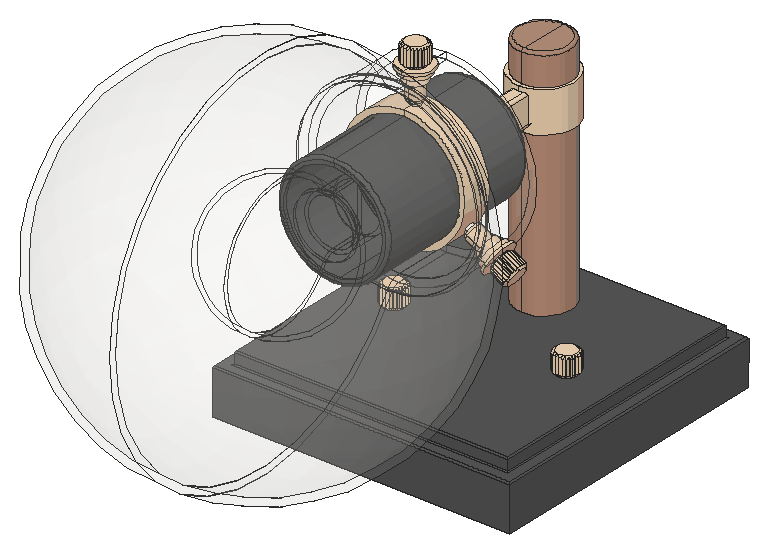
Revit family "Light_Fixture-Wall_Sconce-KOHLER-Holt-K-38412_1", category Lighting Fixtures, host Face, Revit 2021 (continued)
Definition of nested family "K-38412"
  Lines and regions (in)
    symbolic lines, detail levels medium+fine
      curve 233: line (-1.43701, -1.10105, 0) -> (-1.60697, -1.10105, 0)
      curve 234: spline (-1.43701, -1.41117, 0) -> (-1.4406, -1.39336, 0) -> (-1.44357, -1.37508, 0) -> (-1.44589, -1.35644, 0) -> (-1.44755, -1.33752, 0) -> (-1.44856, -1.31841, 0) -> (-1.44889, -1.29921, 0) -> (-1.44856, -1.28001, 0) -> (-1.44755, -1.26091, 0) -> (-1.44589, -1.24198, 0) -> (-1.44357, -1.22334, 0) -> (-1.4406, -1.20507, 0) -> (-1.43701, -1.18725, 0)
      curve 235: line (-1.44774, -1.11512, 0) -> (-1.61914, -1.11512, 0)
      curve 236: line (-1.45809, -1.14121, 0) -> (-1.64051, -1.14121, 0)
      curve 237: line (-1.66756, -1.1781, 0) -> (-1.46897, -1.1781, 0)
      curve 238: line (-1.47616, -1.21354, 0) -> (-1.6791, -1.21354, 0)
      curve 239: spline (-1.6791, -1.21354, 0) -> (-1.67758, -1.21053, 0) -> (-1.67605, -1.20753, 0) -> (-1.6745, -1.20454, 0) -> (-1.67294, -1.20156, 0) -> (-1.67137, -1.19859, 0) -> (-1.66978, -1.19563, 0) -> (-1.66818, -1.19268, 0) -> (-1.66657, -1.18975, 0) -> (-1.66494, -1.18682, 0) -> (-1.6633, -1.1839, 0) -> (-1.66165, -1.18099, 0) -> (-1.65998, -1.1781, 0)
      curve 240: line (-1.47761, -1.22301, 0) -> (-1.67283, -1.22301, 0)
      curve 241: line (-1.48121, -1.25514, 0) -> (-1.68769, -1.25514, 0)
      curve 242: line (-1.67961, -1.2734, 0) -> (-1.48238, -1.2734, 0)
      curve 243: spline (-1.67961, -1.2734, 0) -> (-1.68037, -1.27191, 0) -> (-1.68112, -1.27041, 0) -> (-1.68185, -1.2689, 0) -> (-1.68256, -1.2674, 0) -> (-1.68326, -1.26588, 0) -> (-1.68394, -1.26436, 0) -> (-1.68461, -1.26284, 0) -> (-1.68526, -1.26131, 0) -> (-1.68589, -1.25977, 0) -> (-1.68651, -1.25823, 0) -> (-1.68711, -1.25669, 0) -> (-1.68769, -1.25514, 0)
      curve 244: spline (-1.69034, -1.29885, 0) -> (-1.68953, -1.29669, 0) -> (-1.6887, -1.29454, 0) -> (-1.68786, -1.29239, 0) -> (-1.68701, -1.29025, 0) -> (-1.68613, -1.28812, 0) -> (-1.68525, -1.286, 0) -> (-1.68435, -1.28388, 0) -> (-1.68343, -1.28177, 0) -> (-1.6825, -1.27966, 0) -> (-1.68155, -1.27757, 0) -> (-1.68059, -1.27548, 0) -> (-1.67961, -1.2734, 0)
      curve 245: spline (-1.65531, -1.16159, 0) -> (-1.66941, -1.18123, 0) -> (-1.68101, -1.20655, 0) -> (-1.68957, -1.23634, 0) -> (-1.69467, -1.26914, 0) -> (-1.69606, -1.30338, 0) -> (-1.69368, -1.3374, 0) -> (-1.68764, -1.36956, 0) -> (-1.67823, -1.3983, 0) -> (-1.66591, -1.42223, 0) -> (-1.65127, -1.44021, 0) -> (-1.63503, -1.45135, 0) -> (-1.61796, -1.45513, 0)
      curve 246: spline (-1.43701, -1.50471, 0) -> (-1.45047, -1.47702, 0) -> (-1.46186, -1.44584, 0) -> (-1.47097, -1.41178, 0) -> (-1.4776, -1.37551, 0) -> (-1.48163, -1.33774, 0) -> (-1.48299, -1.29921, 0) -> (-1.48163, -1.26069, 0) -> (-1.4776, -1.22292, 0) -> (-1.47097, -1.18665, 0) -> (-1.46186, -1.15258, 0) -> (-1.45047, -1.1214, 0) -> (-1.43701, -1.09371, 0)
      curve 247: spline (-1.66573, -1.1781, 0) -> (-1.66441, -1.17596, 0) -> (-1.66309, -1.17383, 0) -> (-1.66176, -1.17171, 0) -> (-1.66043, -1.16959, 0) -> (-1.65909, -1.16748, 0) -> (-1.65774, -1.16537, 0) -> (-1.65639, -1.16326, 0) -> (-1.65503, -1.16116, 0) -> (-1.65367, -1.15907, 0) -> (-1.6523, -1.15698, 0) -> (-1.65093, -1.15489, 0) -> (-1.64955, -1.15281, 0)
      curve 248: spline (-1.64955, -1.15281, 0) -> (-1.64613, -1.14838, 0) -> (-1.64269, -1.14396, 0) -> (-1.63922, -1.13957, 0) -> (-1.63573, -1.1352, 0) -> (-1.63221, -1.13085, 0) -> (-1.62867, -1.12653, 0) -> (-1.62511, -1.12222, 0) -> (-1.62153, -1.11794, 0) -> (-1.61792, -1.11368, 0) -> (-1.61429, -1.10945, 0) -> (-1.61064, -1.10524, 0) -> (-1.60697, -1.10105, 0)
      curve 249: spline (-1.68769, -1.25514, 0) -> (-1.68654, -1.25241, 0) -> (-1.68537, -1.24969, 0) -> (-1.68418, -1.24698, 0) -> (-1.68298, -1.24428, 0) -> (-1.68176, -1.24159, 0) -> (-1.68053, -1.23891, 0) -> (-1.67929, -1.23623, 0) -> (-1.67803, -1.23357, 0) -> (-1.67675, -1.23092, 0) -> (-1.67546, -1.22827, 0) -> (-1.67415, -1.22564, 0) -> (-1.67283, -1.22301, 0)
      curve 250: line (-1.69034, -1.29885, 0) -> (-1.48299, -1.29885, 0)
      curve 251: spline (-1.67283, -1.22301, 0) -> (-1.67344, -1.22224, 0) -> (-1.67404, -1.22146, 0) -> (-1.67462, -1.22068, 0) -> (-1.67519, -1.2199, 0) -> (-1.67574, -1.21911, 0) -> (-1.67627, -1.21832, 0) -> (-1.67678, -1.21753, 0) -> (-1.67728, -1.21674, 0) -> (-1.67776, -1.21594, 0) -> (-1.67822, -1.21514, 0) -> (-1.67867, -1.21434, 0) -> (-1.6791, -1.21354, 0)
      curve 252: line (-1.43701, -1.49738, 0) -> (-1.60697, -1.49738, 0)
      curve 253: line (-1.44774, -1.4833, 0) -> (-1.61914, -1.4833, 0)
      curve 254: line (-1.45809, -1.45722, 0) -> (-1.64051, -1.45722, 0)
      curve 255: line (-1.66573, -1.42033, 0) -> (-1.46897, -1.42033, 0)
      curve 256: line (-1.47616, -1.38489, 0) -> (-1.6791, -1.38489, 0)
      curve 257: spline (-1.6791, -1.38489, 0) -> (-1.67758, -1.3879, 0) -> (-1.67605, -1.3909, 0) -> (-1.6745, -1.39389, 0) -> (-1.67294, -1.39687, 0) -> (-1.67137, -1.39983, 0) -> (-1.66978, -1.40279, 0) -> (-1.66818, -1.40574, 0) -> (-1.66657, -1.40868, 0) -> (-1.66494, -1.41161, 0) -> (-1.6633, -1.41453, 0) -> (-1.66165, -1.41743, 0) -> (-1.65998, -1.42033, 0)
      curve 258: line (-1.47761, -1.37541, 0) -> (-1.67283, -1.37541, 0)
      curve 259: line (-1.48121, -1.34329, 0) -> (-1.68769, -1.34329, 0)
      curve 260: line (-1.67961, -1.32503, 0) -> (-1.48238, -1.32503, 0)
      curve 261: spline (-1.67961, -1.32503, 0) -> (-1.68037, -1.32652, 0) -> (-1.68112, -1.32802, 0) -> (-1.68185, -1.32952, 0) -> (-1.68256, -1.33103, 0) -> (-1.68326, -1.33254, 0) -> (-1.68394, -1.33406, 0) -> (-1.68461, -1.33559, 0) -> (-1.68526, -1.33712, 0) -> (-1.68589, -1.33865, 0) -> (-1.68651, -1.34019, 0) -> (-1.68711, -1.34174, 0) -> (-1.68769, -1.34329, 0)
      curve 262: spline (-1.69034, -1.29958, 0) -> (-1.68953, -1.30174, 0) -> (-1.6887, -1.30389, 0) -> (-1.68786, -1.30603, 0) -> (-1.68701, -1.30817, 0) -> (-1.68613, -1.3103, 0) -> (-1.68525, -1.31243, 0) -> (-1.68435, -1.31455, 0) -> (-1.68343, -1.31666, 0) -> (-1.6825, -1.31876, 0) -> (-1.68155, -1.32086, 0) -> (-1.68059, -1.32295, 0) -> (-1.67961, -1.32503, 0)
      curve 263: spline (-1.66573, -1.42033, 0) -> (-1.66441, -1.42246, 0) -> (-1.66309, -1.42459, 0) -> (-1.66176, -1.42672, 0) -> (-1.66043, -1.42884, 0) -> (-1.65909, -1.43095, 0) -> (-1.65774, -1.43306, 0) -> (-1.65639, -1.43516, 0) -> (-1.65503, -1.43726, 0) -> (-1.65367, -1.43936, 0) -> (-1.6523, -1.44145, 0) -> (-1.65093, -1.44353, 0) -> (-1.64955, -1.44561, 0)
      curve 264: spline (-1.64955, -1.44561, 0) -> (-1.64613, -1.45005, 0) -> (-1.64269, -1.45446, 0) -> (-1.63922, -1.45885, 0) -> (-1.63573, -1.46322, 0) -> (-1.63221, -1.46757, 0) -> (-1.62867, -1.4719, 0) -> (-1.62511, -1.4762, 0) -> (-1.62153, -1.48048, 0) -> (-1.61792, -1.48474, 0) -> (-1.61429, -1.48898, 0) -> (-1.61064, -1.49319, 0) -> (-1.60697, -1.49738, 0)
      curve 265: spline (-1.68769, -1.34329, 0) -> (-1.68654, -1.34601, 0) -> (-1.68537, -1.34873, 0) -> (-1.68418, -1.35144, 0) -> (-1.68298, -1.35414, 0) -> (-1.68176, -1.35684, 0) -> (-1.68053, -1.35952, 0) -> (-1.67929, -1.36219, 0) -> (-1.67803, -1.36485, 0) -> (-1.67675, -1.36751, 0) -> (-1.67546, -1.37015, 0) -> (-1.67415, -1.37279, 0) -> (-1.67283, -1.37541, 0)
      curve 266: line (-1.69034, -1.29958, 0) -> (-1.48299, -1.29958, 0)
      curve 267: spline (-1.67283, -1.37541, 0) -> (-1.67344, -1.37619, 0) -> (-1.67404, -1.37697, 0) -> (-1.67462, -1.37775, 0) -> (-1.67519, -1.37853, 0) -> (-1.67574, -1.37932, 0) -> (-1.67627, -1.3801, 0) -> (-1.67678, -1.38089, 0) -> (-1.67728, -1.38169, 0) -> (-1.67776, -1.38248, 0) -> (-1.67822, -1.38328, 0) -> (-1.67867, -1.38409, 0) -> (-1.6791, -1.38489, 0)
      curve 268: line (-0.09196, -0.17618, 0) -> (-0.09196, 0.77491, 0)
      curve 269: line (0.0865, -0.17618, 0) -> (0.0865, 0.7739, 0)
      curve 270: line (-1.43701, -1.64012, 0) -> (1.43701, -1.64012, 0)
      curve 271: line (-1.4936, -1.73734, 0) -> (1.4936, -1.73734, 0)
      curve 272: line (-2.1752, 0, 0.90089) -> (2.1752, 0, 0.90089)
      curve 273: line (2.1752, 0, 0.74803) -> (-2.1752, 0, 0.74803)
      curve 274: line (2.19951, 0, 0.72835) -> (-2.19951, 0, 0.72835)
      curve 275: line (2.37205, 0, 0.70404) -> (-2.37205, 0, 0.70404)
      curve 276: line (-1.21912, 0, 0.9252) -> (-1.53679, 0, 0.9252)
      curve 277: line (-1.49715, 0, 1.23977) -> (-1.22002, 0, 1.23977)
      curve 278: line (-1.22002, 0, 1.23977) -> (-1.1805, 0, 1.20025)
      curve 279: line (-1.18027, 0, 1.08304) -> (-1.1805, 0, 1.20025)
      curve 280: line (-1.19358, 0, 1.19834) -> (-1.19358, 0, 0.96643)
      curve 281: line (-1.21945, 0, 1.19844) -> (-1.21945, 0, 0.96633)
      curve 282: line (-1.25676, 0, 0.93815) -> (-1.25676, 0, 1.22662)
      curve 283: arc (-1.25676, 0, 1.22662) -> (-1.23791, 0, 1.21279) -> (-1.21945, 0, 1.19844) r 0.84823
      curve 284: spline (-1.22894, 0, 1.226) -> (-1.22594, 0, 1.22377) -> (-1.22295, 0, 1.22153) -> (-1.21997, 0, 1.21927) -> (-1.21699, 0, 1.217) -> (-1.21403, 0, 1.21472) -> (-1.21108, 0, 1.21242) -> (-1.20814, 0, 1.21011) -> (-1.2052, 0, 1.20778) -> (-1.20228, 0, 1.20544) -> (-1.19937, 0, 1.20309) -> (-1.19647, 0, 1.20072) -> (-1.19358, 0, 1.19834)
      curve 285: spline (-1.21945, 0, 1.19844) -> (-1.22022, 0, 1.20082) -> (-1.221, 0, 1.20317) -> (-1.22178, 0, 1.20552) -> (-1.22257, 0, 1.20785) -> (-1.22335, 0, 1.21017) -> (-1.22414, 0, 1.21247) -> (-1.22494, 0, 1.21476) -> (-1.22573, 0, 1.21704) -> (-1.22653, 0, 1.2193) -> (-1.22733, 0, 1.22155) -> (-1.22814, 0, 1.22378) -> (-1.22894, 0, 1.226)
      curve 286: spline (-1.21213, 0, 1.22622) -> (-1.20944, 0, 1.22399) -> (-1.20677, 0, 1.22175) -> (-1.2041, 0, 1.2195) -> (-1.20144, 0, 1.21724) -> (-1.19879, 0, 1.21496) -> (-1.19615, 0, 1.21266) -> (-1.19352, 0, 1.21036) -> (-1.1909, 0, 1.20804) -> (-1.18829, 0, 1.2057) -> (-1.18568, 0, 1.20336) -> (-1.18309, 0, 1.201) -> (-1.1805, 0, 1.19862)
      curve 287: spline (-1.19358, 0, 1.19834) -> (-1.19509, 0, 1.20074) -> (-1.19661, 0, 1.20313) -> (-1.19814, 0, 1.2055) -> (-1.19967, 0, 1.20786) -> (-1.20121, 0, 1.21021) -> (-1.20276, 0, 1.21254) -> (-1.2043, 0, 1.21485) -> (-1.20586, 0, 1.21715) -> (-1.20742, 0, 1.21944) -> (-1.20898, 0, 1.22171) -> (-1.21055, 0, 1.22397) -> (-1.21213, 0, 1.22622)
      curve 288: spline (-1.2922, 0, 1.22653) -> (-1.28919, 0, 1.2243) -> (-1.28619, 0, 1.22206) -> (-1.2832, 0, 1.2198) -> (-1.28022, 0, 1.21753) -> (-1.27725, 0, 1.21524) -> (-1.27429, 0, 1.21295) -> (-1.27135, 0, 1.21063) -> (-1.26841, 0, 1.20831) -> (-1.26548, 0, 1.20596) -> (-1.26256, 0, 1.20361) -> (-1.25965, 0, 1.20124) -> (-1.25676, 0, 1.19886)
      curve 289: spline (-1.2922, 0, 1.22653) -> (-1.29301, 0, 1.2243) -> (-1.29381, 0, 1.22205) -> (-1.29462, 0, 1.21979) -> (-1.29542, 0, 1.21751) -> (-1.29622, 0, 1.21522) -> (-1.29701, 0, 1.21292) -> (-1.29781, 0, 1.2106) -> (-1.2986, 0, 1.20826) -> (-1.29938, 0, 1.20592) -> (-1.30017, 0, 1.20356) -> (-1.30095, 0, 1.20118) -> (-1.30173, 0, 1.1988)
      curve 290: spline (-1.33329, 0, 1.22628) -> (-1.33061, 0, 1.22407) -> (-1.32794, 0, 1.22184) -> (-1.32528, 0, 1.21959) -> (-1.32263, 0, 1.21734) -> (-1.31998, 0, 1.21507) -> (-1.31735, 0, 1.21278) -> (-1.31472, 0, 1.21049) -> (-1.31211, 0, 1.20818) -> (-1.3095, 0, 1.20585) -> (-1.3069, 0, 1.20351) -> (-1.30431, 0, 1.20116) -> (-1.30173, 0, 1.1988)
      curve 291: spline (-1.35194, 0, 1.1982) -> (-1.35041, 0, 1.20062) -> (-1.34888, 0, 1.20302) -> (-1.34735, 0, 1.20541) -> (-1.34581, 0, 1.20779) -> (-1.34426, 0, 1.21015) -> (-1.34271, 0, 1.2125) -> (-1.34116, 0, 1.21483) -> (-1.33959, 0, 1.21715) -> (-1.33803, 0, 1.21945) -> (-1.33645, 0, 1.22174) -> (-1.33487, 0, 1.22402) -> (-1.33329, 0, 1.22628)
      curve 292: spline (-1.37795, 0, 1.22591) -> (-1.37574, 0, 1.22368) -> (-1.37354, 0, 1.22144) -> (-1.37135, 0, 1.21918) -> (-1.36916, 0, 1.2169) -> (-1.36698, 0, 1.21461) -> (-1.36481, 0, 1.21231) -> (-1.36265, 0, 1.20999) -> (-1.36049, 0, 1.20766) -> (-1.35834, 0, 1.20532) -> (-1.3562, 0, 1.20296) -> (-1.35406, 0, 1.20059) -> (-1.35194, 0, 1.1982)
      curve 293: line (-1.2922, 0, 1.22653) -> (-1.2922, 0, 0.93824)
      curve 294: line (-1.30173, 0, 1.1988) -> (-1.30173, 0, 0.96597)
      curve 295: line (-1.33329, 0, 1.22628) -> (-1.33329, 0, 0.93849)
      curve 296: line (-1.35194, 0, 1.1982) -> (-1.35194, 0, 0.96657)
      curve 297: spline (-1.33329, 0, 0.93849) -> (-1.33487, 0, 0.94075) -> (-1.33645, 0, 0.94302) -> (-1.33803, 0, 0.94531) -> (-1.33959, 0, 0.94762) -> (-1.34116, 0, 0.94994) -> (-1.34271, 0, 0.95227) -> (-1.34426, 0, 0.95462) -> (-1.34581, 0, 0.95698) -> (-1.34735, 0, 0.95936) -> (-1.34888, 0, 0.96175) -> (-1.35041, 0, 0.96415) -> (-1.35194, 0, 0.96657)
      curve 298: spline (-1.30173, 0, 0.96597) -> (-1.30431, 0, 0.96361) -> (-1.3069, 0, 0.96126) -> (-1.3095, 0, 0.95892) -> (-1.31211, 0, 0.95659) -> (-1.31472, 0, 0.95428) -> (-1.31735, 0, 0.95198) -> (-1.31998, 0, 0.9497) -> (-1.32263, 0, 0.94743) -> (-1.32528, 0, 0.94517) -> (-1.32794, 0, 0.94293) -> (-1.33061, 0, 0.9407) -> (-1.33329, 0, 0.93849)
      curve 299: spline (-1.2922, 0, 0.93824) -> (-1.29301, 0, 0.94047) -> (-1.29381, 0, 0.94272) -> (-1.29462, 0, 0.94498) -> (-1.29542, 0, 0.94726) -> (-1.29622, 0, 0.94955) -> (-1.29701, 0, 0.95185) -> (-1.29781, 0, 0.95417) -> (-1.2986, 0, 0.9565) -> (-1.29938, 0, 0.95885) -> (-1.30017, 0, 0.96121) -> (-1.30095, 0, 0.96358) -> (-1.30173, 0, 0.96597)
      curve 300: spline (-1.25676, 0, 0.96591) -> (-1.25965, 0, 0.96353) -> (-1.26256, 0, 0.96116) -> (-1.26548, 0, 0.9588) -> (-1.26841, 0, 0.95646) -> (-1.27135, 0, 0.95414) -> (-1.27429, 0, 0.95182) -> (-1.27725, 0, 0.94952) -> (-1.28022, 0, 0.94724) -> (-1.2832, 0, 0.94497) -> (-1.28619, 0, 0.94271) -> (-1.28919, 0, 0.94047) -> (-1.2922, 0, 0.93824)
      curve 301: arc (-1.21945, 0, 0.96633) -> (-1.23791, 0, 0.95198) -> (-1.25676, 0, 0.93815) r 0.84823
      curve 302: spline (-1.22894, 0, 0.93877) -> (-1.22814, 0, 0.94099) -> (-1.22733, 0, 0.94322) -> (-1.22653, 0, 0.94547) -> (-1.22573, 0, 0.94773) -> (-1.22494, 0, 0.95) -> (-1.22414, 0, 0.95229) -> (-1.22335, 0, 0.9546) -> (-1.22257, 0, 0.95692) -> (-1.22178, 0, 0.95925) -> (-1.221, 0, 0.96159) -> (-1.22022, 0, 0.96395) -> (-1.21945, 0, 0.96633)
      curve 303: spline (-1.19358, 0, 0.96643) -> (-1.19647, 0, 0.96405) -> (-1.19937, 0, 0.96168) -> (-1.20228, 0, 0.95933) -> (-1.2052, 0, 0.95699) -> (-1.20814, 0, 0.95466) -> (-1.21108, 0, 0.95235) -> (-1.21403, 0, 0.95005) -> (-1.21699, 0, 0.94777) -> (-1.21997, 0, 0.9455) -> (-1.22295, 0, 0.94324) -> (-1.22594, 0, 0.941) -> (-1.22894, 0, 0.93877)
      curve 304: spline (-1.21213, 0, 0.93855) -> (-1.21055, 0, 0.9408) -> (-1.20898, 0, 0.94305) -> (-1.20742, 0, 0.94533) -> (-1.20586, 0, 0.94761) -> (-1.2043, 0, 0.94992) -> (-1.20276, 0, 0.95223) -> (-1.20121, 0, 0.95456) -> (-1.19967, 0, 0.95691) -> (-1.19814, 0, 0.95926) -> (-1.19661, 0, 0.96164) -> (-1.19509, 0, 0.96402) -> (-1.19358, 0, 0.96643)
      curve 305: spline (-1.1805, 0, 0.96615) -> (-1.18309, 0, 0.96377) -> (-1.18568, 0, 0.96141) -> (-1.18829, 0, 0.95906) -> (-1.1909, 0, 0.95673) -> (-1.19352, 0, 0.95441) -> (-1.19615, 0, 0.9521) -> (-1.19879, 0, 0.94981) -> (-1.20144, 0, 0.94753) -> (-1.2041, 0, 0.94527) -> (-1.20677, 0, 0.94301) -> (-1.20944, 0, 0.94078) -> (-1.21213, 0, 0.93855)
      curve 306: spline (-1.35194, 0, 0.96657) -> (-1.35406, 0, 0.96418) -> (-1.3562, 0, 0.96181) -> (-1.35834, 0, 0.95945) -> (-1.36049, 0, 0.95711) -> (-1.36265, 0, 0.95478) -> (-1.36481, 0, 0.95246) -> (-1.36698, 0, 0.95016) -> (-1.36916, 0, 0.94787) -> (-1.37135, 0, 0.94559) -> (-1.37354, 0, 0.94333) -> (-1.37574, 0, 0.94109) -> (-1.37795, 0, 0.93885)
      curve 307: line (-1.53589, 0, 1.23977) -> (-1.5754, 0, 1.20025)
      curve 308: line (-1.57564, 0, 1.08304) -> (-1.5754, 0, 1.20025)
      curve 309: line (-1.56233, 0, 1.19834) -> (-1.56233, 0, 0.96643)
      curve 310: line (-1.53646, 0, 1.19844) -> (-1.53646, 0, 0.96633)
      curve 311: line (-1.49915, 0, 0.93815) -> (-1.49915, 0, 1.22662)
      curve 312: arc (-1.49915, 0, 1.22662) -> (-1.518, 0, 1.21279) -> (-1.53646, 0, 1.19844) r 0.84823
      curve 313: spline (-1.52696, 0, 1.226) -> (-1.52996, 0, 1.22377) -> (-1.53296, 0, 1.22153) -> (-1.53594, 0, 1.21927) -> (-1.53891, 0, 1.217) -> (-1.54187, 0, 1.21472) -> (-1.54483, 0, 1.21242) -> (-1.54777, 0, 1.21011) -> (-1.5507, 0, 1.20778) -> (-1.55362, 0, 1.20544) -> (-1.55653, 0, 1.20309) -> (-1.55944, 0, 1.20072) -> (-1.56233, 0, 1.19834)
      curve 314: spline (-1.53646, 0, 1.19844) -> (-1.53568, 0, 1.20082) -> (-1.5349, 0, 1.20317) -> (-1.53412, 0, 1.20552) -> (-1.53334, 0, 1.20785) -> (-1.53255, 0, 1.21017) -> (-1.53176, 0, 1.21247) -> (-1.53097, 0, 1.21476) -> (-1.53017, 0, 1.21704) -> (-1.52937, 0, 1.2193) -> (-1.52857, 0, 1.22155) -> (-1.52777, 0, 1.22378) -> (-1.52696, 0, 1.226)
      curve 315: spline (-1.54378, 0, 1.22622) -> (-1.54646, 0, 1.22399) -> (-1.54914, 0, 1.22175) -> (-1.5518, 0, 1.2195) -> (-1.55446, 0, 1.21724) -> (-1.55711, 0, 1.21496) -> (-1.55975, 0, 1.21266) -> (-1.56238, 0, 1.21036) -> (-1.56501, 0, 1.20804) -> (-1.56762, 0, 1.2057) -> (-1.57022, 0, 1.20336) -> (-1.57282, 0, 1.201) -> (-1.5754, 0, 1.19862)
      curve 316: spline (-1.56233, 0, 1.19834) -> (-1.56081, 0, 1.20074) -> (-1.55929, 0, 1.20313) -> (-1.55776, 0, 1.2055) -> (-1.55623, 0, 1.20786) -> (-1.55469, 0, 1.21021) -> (-1.55315, 0, 1.21254) -> (-1.5516, 0, 1.21485) -> (-1.55005, 0, 1.21715) -> (-1.54849, 0, 1.21944) -> (-1.54692, 0, 1.22171) -> (-1.54535, 0, 1.22397) -> (-1.54378, 0, 1.22622)
      curve 317: spline (-1.46371, 0, 1.22653) -> (-1.46672, 0, 1.2243) -> (-1.46972, 0, 1.22206) -> (-1.4727, 0, 1.2198) -> (-1.47568, 0, 1.21753) -> (-1.47865, 0, 1.21524) -> (-1.48161, 0, 1.21295) -> (-1.48456, 0, 1.21063) -> (-1.4875, 0, 1.20831) -> (-1.49043, 0, 1.20596) -> (-1.49334, 0, 1.20361) -> (-1.49625, 0, 1.20124) -> (-1.49915, 0, 1.19886)
      curve 318: spline (-1.46371, 0, 1.22653) -> (-1.4629, 0, 1.2243) -> (-1.46209, 0, 1.22205) -> (-1.46129, 0, 1.21979) -> (-1.46049, 0, 1.21751) -> (-1.45969, 0, 1.21522) -> (-1.45889, 0, 1.21292) -> (-1.4581, 0, 1.2106) -> (-1.45731, 0, 1.20826) -> (-1.45652, 0, 1.20592) -> (-1.45574, 0, 1.20356) -> (-1.45495, 0, 1.20118) -> (-1.45417, 0, 1.1988)
      curve 319: spline (-1.42261, 0, 1.22628) -> (-1.42529, 0, 1.22407) -> (-1.42796, 0, 1.22184) -> (-1.43062, 0, 1.21959) -> (-1.43328, 0, 1.21734) -> (-1.43592, 0, 1.21507) -> (-1.43856, 0, 1.21278) -> (-1.44118, 0, 1.21049) -> (-1.4438, 0, 1.20818) -> (-1.44641, 0, 1.20585) -> (-1.449, 0, 1.20351) -> (-1.45159, 0, 1.20116) -> (-1.45417, 0, 1.1988)
      curve 320: spline (-1.40397, 0, 1.1982) -> (-1.40549, 0, 1.20062) -> (-1.40702, 0, 1.20302) -> (-1.40856, 0, 1.20541) -> (-1.4101, 0, 1.20779) -> (-1.41164, 0, 1.21015) -> (-1.41319, 0, 1.2125) -> (-1.41475, 0, 1.21483) -> (-1.41631, 0, 1.21715) -> (-1.41788, 0, 1.21945) -> (-1.41945, 0, 1.22174) -> (-1.42103, 0, 1.22402) -> (-1.42261, 0, 1.22628)
      curve 321: spline (-1.37795, 0, 1.22591) -> (-1.38016, 0, 1.22368) -> (-1.38236, 0, 1.22144) -> (-1.38456, 0, 1.21918) -> (-1.38674, 0, 1.2169) -> (-1.38892, 0, 1.21461) -> (-1.39109, 0, 1.21231) -> (-1.39326, 0, 1.20999) -> (-1.39542, 0, 1.20766) -> (-1.39757, 0, 1.20532) -> (-1.39971, 0, 1.20296) -> (-1.40184, 0, 1.20059) -> (-1.40397, 0, 1.1982)
      curve 322: line (-1.46371, 0, 1.22653) -> (-1.46371, 0, 0.93824)
      curve 323: line (-1.45417, 0, 1.1988) -> (-1.45417, 0, 0.96597)
      curve 324: line (-1.42261, 0, 1.22628) -> (-1.42261, 0, 0.93849)
      curve 325: line (-1.40397, 0, 1.1982) -> (-1.40397, 0, 0.96657)
      curve 326: spline (-1.42261, 0, 0.93849) -> (-1.42103, 0, 0.94075) -> (-1.41945, 0, 0.94302) -> (-1.41788, 0, 0.94531) -> (-1.41631, 0, 0.94762) -> (-1.41475, 0, 0.94994) -> (-1.41319, 0, 0.95227) -> (-1.41164, 0, 0.95462) -> (-1.4101, 0, 0.95698) -> (-1.40856, 0, 0.95936) -> (-1.40702, 0, 0.96175) -> (-1.40549, 0, 0.96415) -> (-1.40397, 0, 0.96657)
      curve 327: spline (-1.45417, 0, 0.96597) -> (-1.45159, 0, 0.96361) -> (-1.449, 0, 0.96126) -> (-1.44641, 0, 0.95892) -> (-1.4438, 0, 0.95659) -> (-1.44118, 0, 0.95428) -> (-1.43856, 0, 0.95198) -> (-1.43592, 0, 0.9497) -> (-1.43328, 0, 0.94743) -> (-1.43062, 0, 0.94517) -> (-1.42796, 0, 0.94293) -> (-1.42529, 0, 0.9407) -> (-1.42261, 0, 0.93849)
      curve 328: spline (-1.46371, 0, 0.93824) -> (-1.4629, 0, 0.94047) -> (-1.46209, 0, 0.94272) -> (-1.46129, 0, 0.94498) -> (-1.46049, 0, 0.94726) -> (-1.45969, 0, 0.94955) -> (-1.45889, 0, 0.95185) -> (-1.4581, 0, 0.95417) -> (-1.45731, 0, 0.9565) -> (-1.45652, 0, 0.95885) -> (-1.45574, 0, 0.96121) -> (-1.45495, 0, 0.96358) -> (-1.45417, 0, 0.96597)
      curve 329: spline (-1.49915, 0, 0.96591) -> (-1.49625, 0, 0.96353) -> (-1.49334, 0, 0.96116) -> (-1.49043, 0, 0.9588) -> (-1.4875, 0, 0.95646) -> (-1.48456, 0, 0.95414) -> (-1.48161, 0, 0.95182) -> (-1.47865, 0, 0.94952) -> (-1.47568, 0, 0.94724) -> (-1.4727, 0, 0.94497) -> (-1.46972, 0, 0.94271) -> (-1.46672, 0, 0.94047) -> (-1.46371, 0, 0.93824)
      curve 330: arc (-1.53646, 0, 0.96633) -> (-1.518, 0, 0.95198) -> (-1.49915, 0, 0.93815) r 0.84823
      curve 331: spline (-1.52696, 0, 0.93877) -> (-1.52777, 0, 0.94099) -> (-1.52857, 0, 0.94322) -> (-1.52937, 0, 0.94547) -> (-1.53017, 0, 0.94773) -> (-1.53097, 0, 0.95) -> (-1.53176, 0, 0.95229) -> (-1.53255, 0, 0.9546) -> (-1.53334, 0, 0.95692) -> (-1.53412, 0, 0.95925) -> (-1.5349, 0, 0.96159) -> (-1.53568, 0, 0.96395) -> (-1.53646, 0, 0.96633)
      curve 332: spline (-1.56233, 0, 0.96643) -> (-1.55944, 0, 0.96405) -> (-1.55653, 0, 0.96168) -> (-1.55362, 0, 0.95933) -> (-1.5507, 0, 0.95699) -> (-1.54777, 0, 0.95466) -> (-1.54483, 0, 0.95235) -> (-1.54187, 0, 0.95005) -> (-1.53891, 0, 0.94777) -> (-1.53594, 0, 0.9455) -> (-1.53296, 0, 0.94324) -> (-1.52996, 0, 0.941) -> (-1.52696, 0, 0.93877)
      curve 333: spline (-1.54378, 0, 0.93855) -> (-1.54535, 0, 0.9408) -> (-1.54692, 0, 0.94305) -> (-1.54849, 0, 0.94533) -> (-1.55005, 0, 0.94761) -> (-1.5516, 0, 0.94992) -> (-1.55315, 0, 0.95223) -> (-1.55469, 0, 0.95456) -> (-1.55623, 0, 0.95691) -> (-1.55776, 0, 0.95926) -> (-1.55929, 0, 0.96164) -> (-1.56081, 0, 0.96402) -> (-1.56233, 0, 0.96643)
      curve 334: spline (-1.5754, 0, 0.96615) -> (-1.57282, 0, 0.96377) -> (-1.57022, 0, 0.96141) -> (-1.56762, 0, 0.95906) -> (-1.56501, 0, 0.95673) -> (-1.56238, 0, 0.95441) -> (-1.55975, 0, 0.9521) -> (-1.55711, 0, 0.94981) -> (-1.55446, 0, 0.94753) -> (-1.5518, 0, 0.94527) -> (-1.54914, 0, 0.94301) -> (-1.54646, 0, 0.94078) -> (-1.54378, 0, 0.93855)
      curve 335: spline (-1.40397, 0, 0.96657) -> (-1.40184, 0, 0.96418) -> (-1.39971, 0, 0.96181) -> (-1.39757, 0, 0.95945) -> (-1.39542, 0, 0.95711) -> (-1.39326, 0, 0.95478) -> (-1.39109, 0, 0.95246) -> (-1.38892, 0, 0.95016) -> (-1.38674, 0, 0.94787) -> (-1.38456, 0, 0.94559) -> (-1.38236, 0, 0.94333) -> (-1.38016, 0, 0.94109) -> (-1.37795, 0, 0.93885)
      curve 336: arc (0.4322, 0, 2.62204) -> (0, 0, 5.18701) -> (-0.4322, 0, 2.62204) r 1.3189
      curve 337: line (0, 0, 2.54921) -> (0, 0, 2.4311)
      curve 338: arc (-0.4322, 0, 2.49764) -> (-1.42028, 0, 4.08676) -> (0, 0, 5.30512) r 1.43701
      curve 339: line (0, 0, 5.30512) -> (0, 0, 5.18701)
      curve 340: line (0.4322, 0, 0.9252) -> (0.4322, 0, 3.54291)
      curve 341: line (0.49358, 0, 3.54291) -> (0.49358, 0, 4.19312)
      curve 342: line (0.49358, 0, 4.19312) -> (-0.49358, 0, 4.19312)
      curve 343: line (0.43335, 0, 4.64064) -> (0.43335, 0, 4.19312)
      curve 344: line (0.38806, 0, 4.68593) -> (0.34038, 0, 4.68593)
      curve 345: arc (0.43335, 0, 4.64064) -> (0.42008, 0, 4.67266) -> (0.38806, 0, 4.68593) r 0.04529
      curve 346: line (-0.43335, 0, 4.64064) -> (-0.43335, 0, 4.19312)
      curve 347: arc (-0.43335, 0, 4.64064) -> (-0.42008, 0, 4.67266) -> (-0.38806, 0, 4.68593) r 0.04529
      curve 348: line (-0.38806, 0, 4.68593) -> (-0.34038, 0, 4.68593)
      curve 349: arc (-0.34038, 0, 4.68593) -> (0, 0, 4.75394) -> (0.34038, 0, 4.68593) r 0.88583
      curve 350: arc (0.4322, 0, 2.98383) -> (0.95893, 0, 4.08992) -> (0, 0, 4.85236) r 0.98425
      curve 351: arc (0, 0, 4.85236) -> (-0.95893, 0, 4.08992) -> (-0.4322, 0, 2.98383) r 0.98425
      curve 352: arc (0.13189, 0, 4.94488) -> (0.94299, 0, 4.40846) -> (1.00199, 0, 3.43782) r 1.08887
      curve 353: arc (0.8701, 0, 3.20938) -> (0.67341, 0, 3.00932) -> (0.4322, 0, 2.86601) r 1.09133
      curve 354: line (1.21912, 0, 0.9252) -> (1.53679, 0, 0.9252)
      curve 355: line (1.49715, 0, 1.23977) -> (1.22002, 0, 1.23977)
      curve 356: line (1.22002, 0, 1.23977) -> (1.1805, 0, 1.20025)
      curve 357: line (1.18027, 0, 1.08304) -> (1.1805, 0, 1.20025)
      curve 358: line (1.19358, 0, 1.19834) -> (1.19358, 0, 0.96643)
      curve 359: line (1.21945, 0, 1.19844) -> (1.21945, 0, 0.96633)
      curve 360: line (1.25676, 0, 0.93815) -> (1.25676, 0, 1.22662)
      curve 361: arc (1.25676, 0, 1.22662) -> (1.23791, 0, 1.21279) -> (1.21945, 0, 1.19844) r 0.84823
      curve 362: spline (1.22894, 0, 1.226) -> (1.22594, 0, 1.22377) -> (1.22295, 0, 1.22153) -> (1.21997, 0, 1.21927) -> (1.21699, 0, 1.217) -> (1.21403, 0, 1.21472) -> (1.21108, 0, 1.21242) -> (1.20814, 0, 1.21011) -> (1.2052, 0, 1.20778) -> (1.20228, 0, 1.20544) -> (1.19937, 0, 1.20309) -> (1.19647, 0, 1.20072) -> (1.19358, 0, 1.19834)
      curve 363: spline (1.21945, 0, 1.19844) -> (1.22022, 0, 1.20082) -> (1.221, 0, 1.20317) -> (1.22178, 0, 1.20552) -> (1.22257, 0, 1.20785) -> (1.22335, 0, 1.21017) -> (1.22414, 0, 1.21247) -> (1.22494, 0, 1.21476) -> (1.22573, 0, 1.21704) -> (1.22653, 0, 1.2193) -> (1.22733, 0, 1.22155) -> (1.22814, 0, 1.22378) -> (1.22894, 0, 1.226)
      curve 364: spline (1.21213, 0, 1.22622) -> (1.20944, 0, 1.22399) -> (1.20677, 0, 1.22175) -> (1.2041, 0, 1.2195) -> (1.20144, 0, 1.21724) -> (1.19879, 0, 1.21496) -> (1.19615, 0, 1.21266) -> (1.19352, 0, 1.21036) -> (1.1909, 0, 1.20804) -> (1.18829, 0, 1.2057) -> (1.18568, 0, 1.20336) -> (1.18309, 0, 1.201) -> (1.1805, 0, 1.19862)
      curve 365: spline (1.19358, 0, 1.19834) -> (1.19509, 0, 1.20074) -> (1.19661, 0, 1.20313) -> (1.19814, 0, 1.2055) -> (1.19967, 0, 1.20786) -> (1.20121, 0, 1.21021) -> (1.20276, 0, 1.21254) -> (1.2043, 0, 1.21485) -> (1.20586, 0, 1.21715) -> (1.20742, 0, 1.21944) -> (1.20898, 0, 1.22171) -> (1.21055, 0, 1.22397) -> (1.21213, 0, 1.22622)
      curve 366: spline (1.2922, 0, 1.22653) -> (1.28919, 0, 1.2243) -> (1.28619, 0, 1.22206) -> (1.2832, 0, 1.2198) -> (1.28022, 0, 1.21753) -> (1.27725, 0, 1.21524) -> (1.27429, 0, 1.21295) -> (1.27135, 0, 1.21063) -> (1.26841, 0, 1.20831) -> (1.26548, 0, 1.20596) -> (1.26256, 0, 1.20361) -> (1.25965, 0, 1.20124) -> (1.25676, 0, 1.19886)
      curve 367: spline (1.2922, 0, 1.22653) -> (1.29301, 0, 1.2243) -> (1.29381, 0, 1.22205) -> (1.29462, 0, 1.21979) -> (1.29542, 0, 1.21751) -> (1.29622, 0, 1.21522) -> (1.29701, 0, 1.21292) -> (1.29781, 0, 1.2106) -> (1.2986, 0, 1.20826) -> (1.29938, 0, 1.20592) -> (1.30017, 0, 1.20356) -> (1.30095, 0, 1.20118) -> (1.30173, 0, 1.1988)
      curve 368: spline (1.33329, 0, 1.22628) -> (1.33061, 0, 1.22407) -> (1.32794, 0, 1.22184) -> (1.32528, 0, 1.21959) -> (1.32263, 0, 1.21734) -> (1.31998, 0, 1.21507) -> (1.31735, 0, 1.21278) -> (1.31472, 0, 1.21049) -> (1.31211, 0, 1.20818) -> (1.3095, 0, 1.20585) -> (1.3069, 0, 1.20351) -> (1.30431, 0, 1.20116) -> (1.30173, 0, 1.1988)
      curve 369: spline (1.35194, 0, 1.1982) -> (1.35041, 0, 1.20062) -> (1.34888, 0, 1.20302) -> (1.34735, 0, 1.20541) -> (1.34581, 0, 1.20779) -> (1.34426, 0, 1.21015) -> (1.34271, 0, 1.2125) -> (1.34116, 0, 1.21483) -> (1.33959, 0, 1.21715) -> (1.33803, 0, 1.21945) -> (1.33645, 0, 1.22174) -> (1.33487, 0, 1.22402) -> (1.33329, 0, 1.22628)
      curve 370: spline (1.37795, 0, 1.22591) -> (1.37574, 0, 1.22368) -> (1.37354, 0, 1.22144) -> (1.37135, 0, 1.21918) -> (1.36916, 0, 1.2169) -> (1.36698, 0, 1.21461) -> (1.36481, 0, 1.21231) -> (1.36265, 0, 1.20999) -> (1.36049, 0, 1.20766) -> (1.35834, 0, 1.20532) -> (1.3562, 0, 1.20296) -> (1.35406, 0, 1.20059) -> (1.35194, 0, 1.1982)
      curve 371: line (1.2922, 0, 1.22653) -> (1.2922, 0, 0.93824)
      curve 372: line (1.30173, 0, 1.1988) -> (1.30173, 0, 0.96597)
      curve 373: line (1.33329, 0, 1.22628) -> (1.33329, 0, 0.93849)
      curve 374: line (1.35194, 0, 1.1982) -> (1.35194, 0, 0.96657)
      curve 375: spline (1.33329, 0, 0.93849) -> (1.33487, 0, 0.94075) -> (1.33645, 0, 0.94302) -> (1.33803, 0, 0.94531) -> (1.33959, 0, 0.94762) -> (1.34116, 0, 0.94994) -> (1.34271, 0, 0.95227) -> (1.34426, 0, 0.95462) -> (1.34581, 0, 0.95698) -> (1.34735, 0, 0.95936) -> (1.34888, 0, 0.96175) -> (1.35041, 0, 0.96415) -> (1.35194, 0, 0.96657)
      curve 376: spline (1.30173, 0, 0.96597) -> (1.30431, 0, 0.96361) -> (1.3069, 0, 0.96126) -> (1.3095, 0, 0.95892) -> (1.31211, 0, 0.95659) -> (1.31472, 0, 0.95428) -> (1.31735, 0, 0.95198) -> (1.31998, 0, 0.9497) -> (1.32263, 0, 0.94743) -> (1.32528, 0, 0.94517) -> (1.32794, 0, 0.94293) -> (1.33061, 0, 0.9407) -> (1.33329, 0, 0.93849)
      curve 377: spline (1.2922, 0, 0.93824) -> (1.29301, 0, 0.94047) -> (1.29381, 0, 0.94272) -> (1.29462, 0, 0.94498) -> (1.29542, 0, 0.94726) -> (1.29622, 0, 0.94955) -> (1.29701, 0, 0.95185) -> (1.29781, 0, 0.95417) -> (1.2986, 0, 0.9565) -> (1.29938, 0, 0.95885) -> (1.30017, 0, 0.96121) -> (1.30095, 0, 0.96358) -> (1.30173, 0, 0.96597)
      curve 378: spline (1.25676, 0, 0.96591) -> (1.25965, 0, 0.96353) -> (1.26256, 0, 0.96116) -> (1.26548, 0, 0.9588) -> (1.26841, 0, 0.95646) -> (1.27135, 0, 0.95414) -> (1.27429, 0, 0.95182) -> (1.27725, 0, 0.94952) -> (1.28022, 0, 0.94724) -> (1.2832, 0, 0.94497) -> (1.28619, 0, 0.94271) -> (1.28919, 0, 0.94047) -> (1.2922, 0, 0.93824)
      curve 379: arc (1.21945, 0, 0.96633) -> (1.23791, 0, 0.95198) -> (1.25676, 0, 0.93815) r 0.84823
      curve 380: spline (1.22894, 0, 0.93877) -> (1.22814, 0, 0.94099) -> (1.22733, 0, 0.94322) -> (1.22653, 0, 0.94547) -> (1.22573, 0, 0.94773) -> (1.22494, 0, 0.95) -> (1.22414, 0, 0.95229) -> (1.22335, 0, 0.9546) -> (1.22257, 0, 0.95692) -> (1.22178, 0, 0.95925) -> (1.221, 0, 0.96159) -> (1.22022, 0, 0.96395) -> (1.21945, 0, 0.96633)
      curve 381: spline (1.19358, 0, 0.96643) -> (1.19647, 0, 0.96405) -> (1.19937, 0, 0.96168) -> (1.20228, 0, 0.95933) -> (1.2052, 0, 0.95699) -> (1.20814, 0, 0.95466) -> (1.21108, 0, 0.95235) -> (1.21403, 0, 0.95005) -> (1.21699, 0, 0.94777) -> (1.21997, 0, 0.9455) -> (1.22295, 0, 0.94324) -> (1.22594, 0, 0.941) -> (1.22894, 0, 0.93877)
      curve 382: spline (1.21213, 0, 0.93855) -> (1.21055, 0, 0.9408) -> (1.20898, 0, 0.94305) -> (1.20742, 0, 0.94533) -> (1.20586, 0, 0.94761) -> (1.2043, 0, 0.94992) -> (1.20276, 0, 0.95223) -> (1.20121, 0, 0.95456) -> (1.19967, 0, 0.95691) -> (1.19814, 0, 0.95926) -> (1.19661, 0, 0.96164) -> (1.19509, 0, 0.96402) -> (1.19358, 0, 0.96643)
      curve 383: spline (1.1805, 0, 0.96615) -> (1.18309, 0, 0.96377) -> (1.18568, 0, 0.96141) -> (1.18829, 0, 0.95906) -> (1.1909, 0, 0.95673) -> (1.19352, 0, 0.95441) -> (1.19615, 0, 0.9521) -> (1.19879, 0, 0.94981) -> (1.20144, 0, 0.94753) -> (1.2041, 0, 0.94527) -> (1.20677, 0, 0.94301) -> (1.20944, 0, 0.94078) -> (1.21213, 0, 0.93855)
      curve 384: spline (1.35194, 0, 0.96657) -> (1.35406, 0, 0.96418) -> (1.3562, 0, 0.96181) -> (1.35834, 0, 0.95945) -> (1.36049, 0, 0.95711) -> (1.36265, 0, 0.95478) -> (1.36481, 0, 0.95246) -> (1.36698, 0, 0.95016) -> (1.36916, 0, 0.94787) -> (1.37135, 0, 0.94559) -> (1.37354, 0, 0.94333) -> (1.37574, 0, 0.94109) -> (1.37795, 0, 0.93885)
      curve 385: line (1.53589, 0, 1.23977) -> (1.5754, 0, 1.20025)
      curve 386: line (1.57564, 0, 1.08304) -> (1.5754, 0, 1.20025)
      curve 387: line (1.56233, 0, 1.19834) -> (1.56233, 0, 0.96643)
      curve 388: line (1.53646, 0, 1.19844) -> (1.53646, 0, 0.96633)
      curve 389: line (1.49915, 0, 0.93815) -> (1.49915, 0, 1.22662)
      curve 390: arc (1.49915, 0, 1.22662) -> (1.518, 0, 1.21279) -> (1.53646, 0, 1.19844) r 0.84823
      curve 391: spline (1.52696, 0, 1.226) -> (1.52996, 0, 1.22377) -> (1.53296, 0, 1.22153) -> (1.53594, 0, 1.21927) -> (1.53891, 0, 1.217) -> (1.54187, 0, 1.21472) -> (1.54483, 0, 1.21242) -> (1.54777, 0, 1.21011) -> (1.5507, 0, 1.20778) -> (1.55362, 0, 1.20544) -> (1.55653, 0, 1.20309) -> (1.55944, 0, 1.20072) -> (1.56233, 0, 1.19834)
      curve 392: spline (1.53646, 0, 1.19844) -> (1.53568, 0, 1.20082) -> (1.5349, 0, 1.20317) -> (1.53412, 0, 1.20552) -> (1.53334, 0, 1.20785) -> (1.53255, 0, 1.21017) -> (1.53176, 0, 1.21247) -> (1.53097, 0, 1.21476) -> (1.53017, 0, 1.21704) -> (1.52937, 0, 1.2193) -> (1.52857, 0, 1.22155) -> (1.52777, 0, 1.22378) -> (1.52696, 0, 1.226)
      curve 393: spline (1.54378, 0, 1.22622) -> (1.54646, 0, 1.22399) -> (1.54914, 0, 1.22175) -> (1.5518, 0, 1.2195) -> (1.55446, 0, 1.21724) -> (1.55711, 0, 1.21496) -> (1.55975, 0, 1.21266) -> (1.56238, 0, 1.21036) -> (1.56501, 0, 1.20804) -> (1.56762, 0, 1.2057) -> (1.57022, 0, 1.20336) -> (1.57282, 0, 1.201) -> (1.5754, 0, 1.19862)
      curve 394: spline (1.56233, 0, 1.19834) -> (1.56081, 0, 1.20074) -> (1.55929, 0, 1.20313) -> (1.55776, 0, 1.2055) -> (1.55623, 0, 1.20786) -> (1.55469, 0, 1.21021) -> (1.55315, 0, 1.21254) -> (1.5516, 0, 1.21485) -> (1.55005, 0, 1.21715) -> (1.54849, 0, 1.21944) -> (1.54692, 0, 1.22171) -> (1.54535, 0, 1.22397) -> (1.54378, 0, 1.22622)
      curve 395: spline (1.46371, 0, 1.22653) -> (1.46672, 0, 1.2243) -> (1.46972, 0, 1.22206) -> (1.4727, 0, 1.2198) -> (1.47568, 0, 1.21753) -> (1.47865, 0, 1.21524) -> (1.48161, 0, 1.21295) -> (1.48456, 0, 1.21063) -> (1.4875, 0, 1.20831) -> (1.49043, 0, 1.20596) -> (1.49334, 0, 1.20361) -> (1.49625, 0, 1.20124) -> (1.49915, 0, 1.19886)
      curve 396: spline (1.46371, 0, 1.22653) -> (1.4629, 0, 1.2243) -> (1.46209, 0, 1.22205) -> (1.46129, 0, 1.21979) -> (1.46049, 0, 1.21751) -> (1.45969, 0, 1.21522) -> (1.45889, 0, 1.21292) -> (1.4581, 0, 1.2106) -> (1.45731, 0, 1.20826) -> (1.45652, 0, 1.20592) -> (1.45574, 0, 1.20356) -> (1.45495, 0, 1.20118) -> (1.45417, 0, 1.1988)
      curve 397: spline (1.42261, 0, 1.22628) -> (1.42529, 0, 1.22407) -> (1.42796, 0, 1.22184) -> (1.43062, 0, 1.21959) -> (1.43328, 0, 1.21734) -> (1.43592, 0, 1.21507) -> (1.43856, 0, 1.21278) -> (1.44118, 0, 1.21049) -> (1.4438, 0, 1.20818) -> (1.44641, 0, 1.20585) -> (1.449, 0, 1.20351) -> (1.45159, 0, 1.20116) -> (1.45417, 0, 1.1988)
      curve 398: spline (1.40397, 0, 1.1982) -> (1.40549, 0, 1.20062) -> (1.40702, 0, 1.20302) -> (1.40856, 0, 1.20541) -> (1.4101, 0, 1.20779) -> (1.41164, 0, 1.21015) -> (1.41319, 0, 1.2125) -> (1.41475, 0, 1.21483) -> (1.41631, 0, 1.21715) -> (1.41788, 0, 1.21945) -> (1.41945, 0, 1.22174) -> (1.42103, 0, 1.22402) -> (1.42261, 0, 1.22628)
      curve 399: spline (1.37795, 0, 1.22591) -> (1.38016, 0, 1.22368) -> (1.38236, 0, 1.22144) -> (1.38456, 0, 1.21918) -> (1.38674, 0, 1.2169) -> (1.38892, 0, 1.21461) -> (1.39109, 0, 1.21231) -> (1.39326, 0, 1.20999) -> (1.39542, 0, 1.20766) -> (1.39757, 0, 1.20532) -> (1.39971, 0, 1.20296) -> (1.40184, 0, 1.20059) -> (1.40397, 0, 1.1982)
      curve 400: line (1.46371, 0, 1.22653) -> (1.46371, 0, 0.93824)
      curve 401: line (1.45417, 0, 1.1988) -> (1.45417, 0, 0.96597)
      curve 402: line (1.42261, 0, 1.22628) -> (1.42261, 0, 0.93849)
      curve 403: line (1.40397, 0, 1.1982) -> (1.40397, 0, 0.96657)
      curve 404: spline (1.42261, 0, 0.93849) -> (1.42103, 0, 0.94075) -> (1.41945, 0, 0.94302) -> (1.41788, 0, 0.94531) -> (1.41631, 0, 0.94762) -> (1.41475, 0, 0.94994) -> (1.41319, 0, 0.95227) -> (1.41164, 0, 0.95462) -> (1.4101, 0, 0.95698) -> (1.40856, 0, 0.95936) -> (1.40702, 0, 0.96175) -> (1.40549, 0, 0.96415) -> (1.40397, 0, 0.96657)
      curve 405: spline (1.45417, 0, 0.96597) -> (1.45159, 0, 0.96361) -> (1.449, 0, 0.96126) -> (1.44641, 0, 0.95892) -> (1.4438, 0, 0.95659) -> (1.44118, 0, 0.95428) -> (1.43856, 0, 0.95198) -> (1.43592, 0, 0.9497) -> (1.43328, 0, 0.94743) -> (1.43062, 0, 0.94517) -> (1.42796, 0, 0.94293) -> (1.42529, 0, 0.9407) -> (1.42261, 0, 0.93849)
      curve 406: spline (1.46371, 0, 0.93824) -> (1.4629, 0, 0.94047) -> (1.46209, 0, 0.94272) -> (1.46129, 0, 0.94498) -> (1.46049, 0, 0.94726) -> (1.45969, 0, 0.94955) -> (1.45889, 0, 0.95185) -> (1.4581, 0, 0.95417) -> (1.45731, 0, 0.9565) -> (1.45652, 0, 0.95885) -> (1.45574, 0, 0.96121) -> (1.45495, 0, 0.96358) -> (1.45417, 0, 0.96597)
      curve 407: spline (1.49915, 0, 0.96591) -> (1.49625, 0, 0.96353) -> (1.49334, 0, 0.96116) -> (1.49043, 0, 0.9588) -> (1.4875, 0, 0.95646) -> (1.48456, 0, 0.95414) -> (1.48161, 0, 0.95182) -> (1.47865, 0, 0.94952) -> (1.47568, 0, 0.94724) -> (1.4727, 0, 0.94497) -> (1.46972, 0, 0.94271) -> (1.46672, 0, 0.94047) -> (1.46371, 0, 0.93824)
      curve 408: arc (1.53646, 0, 0.96633) -> (1.518, 0, 0.95198) -> (1.49915, 0, 0.93815) r 0.84823
      curve 409: spline (1.52696, 0, 0.93877) -> (1.52777, 0, 0.94099) -> (1.52857, 0, 0.94322) -> (1.52937, 0, 0.94547) -> (1.53017, 0, 0.94773) -> (1.53097, 0, 0.95) -> (1.53176, 0, 0.95229) -> (1.53255, 0, 0.9546) -> (1.53334, 0, 0.95692) -> (1.53412, 0, 0.95925) -> (1.5349, 0, 0.96159) -> (1.53568, 0, 0.96395) -> (1.53646, 0, 0.96633)
      curve 410: spline (1.56233, 0, 0.96643) -> (1.55944, 0, 0.96405) -> (1.55653, 0, 0.96168) -> (1.55362, 0, 0.95933) -> (1.5507, 0, 0.95699) -> (1.54777, 0, 0.95466) -> (1.54483, 0, 0.95235) -> (1.54187, 0, 0.95005) -> (1.53891, 0, 0.94777) -> (1.53594, 0, 0.9455) -> (1.53296, 0, 0.94324) -> (1.52996, 0, 0.941) -> (1.52696, 0, 0.93877)
      curve 411: spline (1.54378, 0, 0.93855) -> (1.54535, 0, 0.9408) -> (1.54692, 0, 0.94305) -> (1.54849, 0, 0.94533) -> (1.55005, 0, 0.94761) -> (1.5516, 0, 0.94992) -> (1.55315, 0, 0.95223) -> (1.55469, 0, 0.95456) -> (1.55623, 0, 0.95691) -> (1.55776, 0, 0.95926) -> (1.55929, 0, 0.96164) -> (1.56081, 0, 0.96402) -> (1.56233, 0, 0.96643)
      curve 412: spline (1.5754, 0, 0.96615) -> (1.57282, 0, 0.96377) -> (1.57022, 0, 0.96141) -> (1.56762, 0, 0.95906) -> (1.56501, 0, 0.95673) -> (1.56238, 0, 0.95441) -> (1.55975, 0, 0.9521) -> (1.55711, 0, 0.94981) -> (1.55446, 0, 0.94753) -> (1.5518, 0, 0.94527) -> (1.54914, 0, 0.94301) -> (1.54646, 0, 0.94078) -> (1.54378, 0, 0.93855)
      curve 413: spline (1.40397, 0, 0.96657) -> (1.40184, 0, 0.96418) -> (1.39971, 0, 0.96181) -> (1.39757, 0, 0.95945) -> (1.39542, 0, 0.95711) -> (1.39326, 0, 0.95478) -> (1.39109, 0, 0.95246) -> (1.38892, 0, 0.95016) -> (1.38674, 0, 0.94787) -> (1.38456, 0, 0.94559) -> (1.38236, 0, 0.94333) -> (1.38016, 0, 0.94109) -> (1.37795, 0, 0.93885)
      curve 414: line (0.69921, 0, 0.9252) -> (-0.69921, 0, 0.9252)
      curve 415: line (-0.4322, 0, 0.9252) -> (-0.4322, 0, 3.54291)
      curve 416: arc (0.4322, 0, 3.09488) -> (0.88583, 0, 3.86745) -> (0.43335, 0, 4.6407) r 0.88583
      curve 417: arc (0.4322, 0, 2.49764) -> (1.42028, 0, 4.08676) -> (0, 0, 5.30512) r 1.43701
      curve 418: line (0.96101, 0, 3.44557) -> (0.84128, 0, 3.2382)
      curve 419: line (0.96101, 0, 3.44557) -> (1.00199, 0, 3.43782)
      curve 420: line (1.00199, 0, 3.43782) -> (1.20095, 0, 3.32295)
      curve 421: line (0.8701, 0, 3.20938) -> (1.06845, 0, 3.09487)
      curve 422: line (0.8701, 0, 3.20938) -> (0.84128, 0, 3.2382)
      curve 423: line (0.86237, 0, 3.27474) -> (0.80803, 0, 3.30611)
      curve 424: line (0.94113, 0, 3.41116) -> (0.88734, 0, 3.44222)
      curve 425: line (1.36102, 0, 3.35101) -> (1.24291, 0, 3.14644)
      curve 426: line (1.24291, 0, 3.14644) -> (1.12479, 0, 2.94186)
      curve 427: line (1.36102, 0, 3.35101) -> (1.42921, 0, 3.31164)
      curve 428: line (1.1733, 0, 2.86839) -> (1.44889, 0, 3.34574)
      curve 429: line (1.44889, 0, 3.34574) -> (1.48299, 0, 3.32605)
      curve 430: line (1.20739, 0, 2.84871) -> (1.48299, 0, 3.32605)
      curve 431: line (1.48256, 0, 3.23607) -> (1.42242, 0, 3.22115)
      curve 432: line (1.48256, 0, 3.23607) -> (1.67961, 0, 3.1223)
      curve 433: line (1.67961, 0, 3.1223) -> (1.69609, 0, 3.06524)
      curve 434: line (1.69609, 0, 3.06524) -> (1.53982, 0, 2.79456)
      curve 435: line (1.53982, 0, 2.79456) -> (1.48181, 0, 2.78024)
      curve 436: line (1.48181, 0, 2.78024) -> (1.28523, 0, 2.89373)
      curve 437: line (1.28523, 0, 2.89373) -> (1.26796, 0, 2.95361)
      curve 438: line (1.47626, 0, 3.22461) -> (1.67283, 0, 3.11112)
      curve 439: line (1.46324, 0, 3.20225) -> (1.65998, 0, 3.08867)
      curve 440: line (1.66573, 0, 3.04226) -> (1.42018, 0, 3.18403)
      curve 441: line (1.40254, 0, 3.15329) -> (1.64793, 0, 3.01162)
      curve 442: line (1.4218, 0, 3.13117) -> (1.61914, 0, 3.01723)
      curve 443: line (1.38221, 0, 3.11758) -> (1.62717, 0, 2.97615)
      curve 444: line (1.39721, 0, 3.08739) -> (1.59352, 0, 2.97405)
      curve 445: line (1.3596, 0, 3.07856) -> (1.60468, 0, 2.93706)
      curve 446: line (1.37049, 0, 3.04262) -> (1.56812, 0, 2.92853)
      curve 447: line (1.33774, 0, 3.03987) -> (1.5821, 0, 2.89878)
      curve 448: line (1.34634, 0, 2.99855) -> (1.54202, 0, 2.88557)
      curve 449: line (1.31721, 0, 3.00423) -> (1.56151, 0, 2.86319)
      curve 450: line (1.29949, 0, 2.97335) -> (1.54363, 0, 2.8324)
      curve 451: line (1.30511, 0, 2.92761) -> (1.5012, 0, 2.8144)
      curve 452: line (1.29176, 0, 2.90589) -> (1.48906, 0, 2.79198)
      curve 453: arc (1.54363, 0, 2.8324) -> (1.52254, 0, 2.82311) -> (1.5012, 0, 2.8144) r 0.84434
      curve 454: spline (1.56151, 0, 2.86319) -> (1.55806, 0, 2.86169) -> (1.5546, 0, 2.86021) -> (1.55114, 0, 2.85874) -> (1.54766, 0, 2.85729) -> (1.54419, 0, 2.85585) -> (1.5407, 0, 2.85443) -> (1.53721, 0, 2.85303) -> (1.53371, 0, 2.85164) -> (1.5302, 0, 2.85027) -> (1.52669, 0, 2.84891) -> (1.52317, 0, 2.84757) -> (1.51964, 0, 2.84625)
      curve 455: spline (1.54202, 0, 2.88557) -> (1.54372, 0, 2.88368) -> (1.5454, 0, 2.8818) -> (1.54708, 0, 2.87991) -> (1.54873, 0, 2.87804) -> (1.55038, 0, 2.87616) -> (1.55201, 0, 2.8743) -> (1.55363, 0, 2.87243) -> (1.55523, 0, 2.87057) -> (1.55682, 0, 2.86872) -> (1.5584, 0, 2.86687) -> (1.55996, 0, 2.86503) -> (1.56151, 0, 2.86319)
      curve 456: spline (1.5821, 0, 2.89878) -> (1.5788, 0, 2.8976) -> (1.57549, 0, 2.89644) -> (1.57218, 0, 2.89529) -> (1.56886, 0, 2.89415) -> (1.56553, 0, 2.89303) -> (1.56219, 0, 2.89192) -> (1.55884, 0, 2.89083) -> (1.55549, 0, 2.88975) -> (1.55213, 0, 2.88868) -> (1.54877, 0, 2.88763) -> (1.5454, 0, 2.8866) -> (1.54202, 0, 2.88557)
      curve 457: spline (1.56812, 0, 2.92853) -> (1.56937, 0, 2.92603) -> (1.5706, 0, 2.92354) -> (1.57182, 0, 2.92106) -> (1.57302, 0, 2.91857) -> (1.57421, 0, 2.91609) -> (1.57539, 0, 2.91361) -> (1.57654, 0, 2.91113) -> (1.57769, 0, 2.90866) -> (1.57881, 0, 2.90618) -> (1.57993, 0, 2.90371) -> (1.58102, 0, 2.90125) -> (1.5821, 0, 2.89878)
      curve 458: spline (1.56812, 0, 2.92853) -> (1.57121, 0, 2.92916) -> (1.57429, 0, 2.92982) -> (1.57737, 0, 2.93048) -> (1.58043, 0, 2.93116) -> (1.58349, 0, 2.93185) -> (1.58654, 0, 2.93256) -> (1.58959, 0, 2.93328) -> (1.59262, 0, 2.93401) -> (1.59565, 0, 2.93475) -> (1.59867, 0, 2.93551) -> (1.60168, 0, 2.93628) -> (1.60468, 0, 2.93706)
      curve 459: spline (1.59352, 0, 2.97405) -> (1.59454, 0, 2.97096) -> (1.59555, 0, 2.96788) -> (1.59653, 0, 2.96479) -> (1.59751, 0, 2.96171) -> (1.59846, 0, 2.95863) -> (1.5994, 0, 2.95554) -> (1.60032, 0, 2.95246) -> (1.60122, 0, 2.94938) -> (1.60211, 0, 2.9463) -> (1.60299, 0, 2.94322) -> (1.60384, 0, 2.94014) -> (1.60468, 0, 2.93706)
      curve 460: spline (1.62717, 0, 2.97615) -> (1.62442, 0, 2.97591) -> (1.62166, 0, 2.97568) -> (1.61889, 0, 2.97547) -> (1.61611, 0, 2.97526) -> (1.61332, 0, 2.97507) -> (1.61052, 0, 2.97489) -> (1.60771, 0, 2.97472) -> (1.60489, 0, 2.97456) -> (1.60207, 0, 2.97441) -> (1.59923, 0, 2.97428) -> (1.59638, 0, 2.97416) -> (1.59352, 0, 2.97405)
      curve 461: spline (1.62717, 0, 2.97615) -> (1.62659, 0, 2.97958) -> (1.62599, 0, 2.98301) -> (1.62538, 0, 2.98643) -> (1.62475, 0, 2.98986) -> (1.62411, 0, 2.99328) -> (1.62345, 0, 2.99671) -> (1.62277, 0, 3.00013) -> (1.62208, 0, 3.00355) -> (1.62137, 0, 3.00697) -> (1.62064, 0, 3.01039) -> (1.6199, 0, 3.01381) -> (1.61914, 0, 3.01723)
      curve 462: spline (1.64793, 0, 3.01162) -> (1.64559, 0, 3.01203) -> (1.64324, 0, 3.01246) -> (1.64088, 0, 3.01289) -> (1.63851, 0, 3.01334) -> (1.63613, 0, 3.01379) -> (1.63373, 0, 3.01425) -> (1.63133, 0, 3.01473) -> (1.62891, 0, 3.01521) -> (1.62649, 0, 3.0157) -> (1.62405, 0, 3.0162) -> (1.6216, 0, 3.01671) -> (1.61914, 0, 3.01723)
      curve 463: spline (1.64169, 0, 3.05614) -> (1.6423, 0, 3.05245) -> (1.6429, 0, 3.04874) -> (1.64348, 0, 3.04504) -> (1.64404, 0, 3.04133) -> (1.64459, 0, 3.03762) -> (1.64512, 0, 3.03391) -> (1.64563, 0, 3.0302) -> (1.64612, 0, 3.02649) -> (1.6466, 0, 3.02277) -> (1.64706, 0, 3.01906) -> (1.6475, 0, 3.01534) -> (1.64793, 0, 3.01162)
      curve 464: arc (1.65998, 0, 3.08867) -> (1.66317, 0, 3.06551) -> (1.66573, 0, 3.04226) r 0.84823
      curve 465: spline (1.6791, 0, 3.06666) -> (1.67758, 0, 3.06847) -> (1.67605, 0, 3.07028) -> (1.6745, 0, 3.0721) -> (1.67294, 0, 3.07392) -> (1.67137, 0, 3.07575) -> (1.66978, 0, 3.07758) -> (1.66818, 0, 3.07942) -> (1.66657, 0, 3.08126) -> (1.66494, 0, 3.0831) -> (1.6633, 0, 3.08495) -> (1.66165, 0, 3.08681) -> (1.65998, 0, 3.08867)
      curve 466: spline (1.67283, 0, 3.11112) -> (1.67344, 0, 3.10743) -> (1.67404, 0, 3.10373) -> (1.67462, 0, 3.10003) -> (1.67519, 0, 3.09633) -> (1.67574, 0, 3.09263) -> (1.67627, 0, 3.08892) -> (1.67678, 0, 3.08522) -> (1.67728, 0, 3.08151) -> (1.67776, 0, 3.0778) -> (1.67822, 0, 3.07409) -> (1.67867, 0, 3.07038) -> (1.6791, 0, 3.06666)
      curve 467: spline (1.67961, 0, 3.1223) -> (1.68037, 0, 3.11888) -> (1.68112, 0, 3.11545) -> (1.68185, 0, 3.11202) -> (1.68256, 0, 3.10859) -> (1.68326, 0, 3.10516) -> (1.68394, 0, 3.10173) -> (1.68461, 0, 3.09829) -> (1.68526, 0, 3.09486) -> (1.68589, 0, 3.09143) -> (1.68651, 0, 3.08799) -> (1.68711, 0, 3.08455) -> (1.68769, 0, 3.08112)
      curve 468: spline (1.68769, 0, 3.08112) -> (1.68654, 0, 3.0836) -> (1.68537, 0, 3.08609) -> (1.68418, 0, 3.08858) -> (1.68298, 0, 3.09108) -> (1.68176, 0, 3.09357) -> (1.68053, 0, 3.09607) -> (1.67929, 0, 3.09858) -> (1.67803, 0, 3.10108) -> (1.67675, 0, 3.10359) -> (1.67546, 0, 3.10609) -> (1.67415, 0, 3.10861) -> (1.67283, 0, 3.11112)
      curve 469: spline (1.52203, 0, 2.79405) -> (1.51872, 0, 2.79281) -> (1.5154, 0, 2.7916) -> (1.51208, 0, 2.79039) -> (1.50874, 0, 2.7892) -> (1.5054, 0, 2.78803) -> (1.50205, 0, 2.78687) -> (1.4987, 0, 2.78573) -> (1.49533, 0, 2.7846) -> (1.49196, 0, 2.78349) -> (1.48858, 0, 2.78239) -> (1.4852, 0, 2.78131) -> (1.48181, 0, 2.78024)
      curve 470: spline (1.48906, 0, 2.79198) -> (1.49186, 0, 2.79209) -> (1.49465, 0, 2.79221) -> (1.49743, 0, 2.79234) -> (1.5002, 0, 2.79248) -> (1.50296, 0, 2.79264) -> (1.50571, 0, 2.79281) -> (1.50846, 0, 2.79298) -> (1.51119, 0, 2.79317) -> (1.51391, 0, 2.79338) -> (1.51663, 0, 2.79359) -> (1.51933, 0, 2.79381) -> (1.52203, 0, 2.79405)
      curve 471: spline (1.5012, 0, 2.8144) -> (1.5037, 0, 2.81387) -> (1.50619, 0, 2.81335) -> (1.50867, 0, 2.81284) -> (1.51113, 0, 2.81234) -> (1.51359, 0, 2.81185) -> (1.51603, 0, 2.81137) -> (1.51846, 0, 2.8109) -> (1.52089, 0, 2.81044) -> (1.5233, 0, 2.80999) -> (1.52569, 0, 2.80955) -> (1.52808, 0, 2.80912) -> (1.53046, 0, 2.8087)
      curve 472: spline (1.30511, 0, 2.92761) -> (1.3034, 0, 2.92951) -> (1.30171, 0, 2.93141) -> (1.30003, 0, 2.9333) -> (1.29836, 0, 2.93519) -> (1.29671, 0, 2.93707) -> (1.29508, 0, 2.93894) -> (1.29345, 0, 2.94081) -> (1.29184, 0, 2.94268) -> (1.29025, 0, 2.94454) -> (1.28867, 0, 2.9464) -> (1.2871, 0, 2.94825) -> (1.28555, 0, 2.9501)
